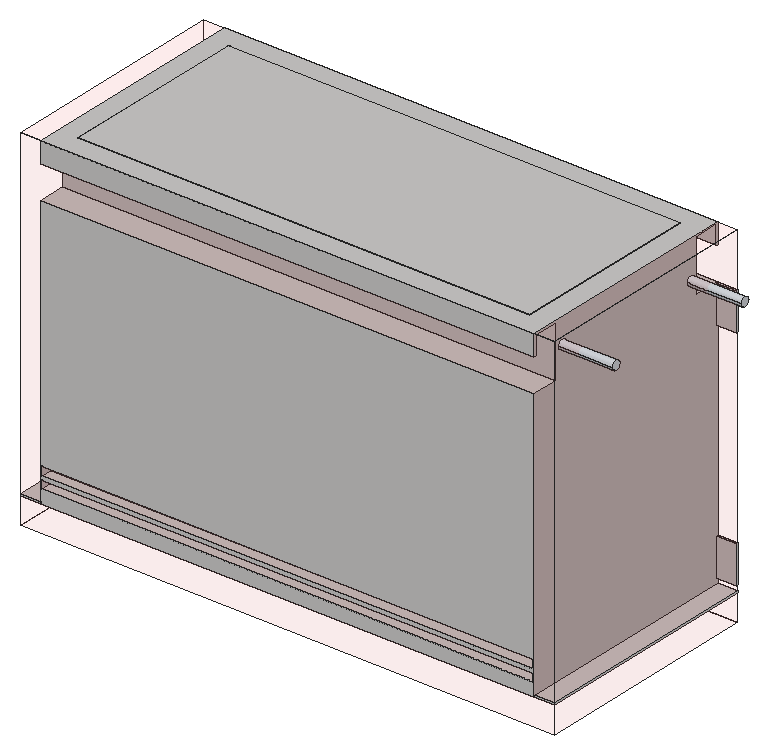
Revit family "Air-Curtain_Customer-Entry_PoweredAire_CHS", category Mechanical Equipment, host Face, Revit 2025
Family settings
  Host = Face
  Round Connector Dimension = Use Diameter
  Part Type = Normal
  OmniClass Number = 23.75.35.17.21
  OmniClass Title = Air Curtains
  Cut with Voids When Loaded = No
  Maintain Annotation Orientation = No
  Shared = No
  Room Calculation Point = No
Parameters
  upperrotation [instance] = if(Upper Pipe Connection Side A, 0.00°, 180.00°)  # 0.00°
  lowerrotation [instance] = if(Lower Pipe Connection Side A, 0.00°, 180.00°)  # 0.00°
  locateupperpipe [instance] = if(Upper Pipe Connection Side A, 0' 0", Nozzle Width)  # 0' - 0"
  locatelowerpipe [instance] = if(Lower Pipe Connection Side A, 0' 0", Nozzle Width)  # 0' - 0"
  Warranty Duration (Years) = 0
  Upper Pipe Connection Side A [instance] = yes
  Unit Width Notes = "Other Widths available."  # constant formula
  Unit Width = 3' - 3"
  Unit Weight = 0
  Unit Height = 1' - 4 3/4"
  Unit Depth [instance] = if(Include Filters, 2' 1 7/8", 1' 11 3/4")  # 1' - 11 3/4"
  URL = "http://www.poweredaire.com/"
  Test Data = ""
  Temperature Rise_Range = "as Specified"
  Standards Conformance = "as Specified"
  Specification = "http://www.arcat.com/sdspecs/htm04/23_34_33pai.htm"
  SpecWizard = ""
  Sound Pressure = "as Specified"
  Sales Information = "http://www.poweredaire.com/contact_us"
  Revision = "R1_2016-08"
  Projection from Host [instance] = 0' - 2"
  Product Properties = ""
  Product Data = "http://www.arcat.com/arcatcos/cos47/arc47623.html"
  Power Rating = 0 W
  Piping_Water Flow [instance] = 0 GPM
  Piping_Operating Pressure [instance] = 0.00 psi
  Piping_Exit Temperature [instance] = 0 °F
  Piping_Entry Temperature [instance] = 0 °F
  Pipe OD [instance] = 5/8"
  Outlet Volume_Range = "as Specified"
  Outlet Velocity_Range = "as Specified"
  Nozzle Width = if(1 = 1, Unit Width - 0' 3", 0' 0")  # 3' - 0"
  Mounting Width = if(1 = 1, Unit Width - 0' 1 1/2", 0' 0")  # 3' - 1 1/2"
  Mounting Height [instance] = 3' - 6"
  Motor RPM = 0
  Motor HP = 0
  Motor Count = 0
  Model = "As Specified"
  Max Height = 0' - 0"
  Manufacturer Website = "http://www.poweredaire.com/"
  Manufacturer Phone - Toll Free = "888-321-2473"
  Manufacturer Phone = "724-588-3305"
  Manufacturer Fax = "724-588-3371"
  Manufacturer Address = "109 Mortensen Rd.  Greenville, PA 16125"
  Manufacturer = "Powered Aire, Inc"
  Maintenance Schedule (Months) = 0
  Lower Pipe Connection Side A [instance] = yes
  Keynote = "23 34 33"
  Installation-Fabrication = ""
  Installation Phase = ""
  Include Filters [instance] = no
  Include Clearance [instance] = yes
  Heating Element Load = 0 W
  HVAC_Temperature Rise [instance] = 0 °F
  HVAC_Outlet Volume [instance] = 0 CFM
  HVAC_Outlet Velocity Uniformity = 0
  HVAC_Outlet Velocity [instance] = 0 FPM
  HVAC_BTU Input = 0.0 Btu/h
  Green Building-LEED = "http://www.arcat.com/green/clients/leed_data_47623.html"
  Front Grating Material [instance] = Metal - Steel - PoweredAire - Stainless 304 Perforated
  Frame Finish [instance] = Metal - Steel - PoweredAire - Stainless 304
  Expected Lifespan (Years) = 0
  Electrical_Wattage [instance] = Power Rating + Heating Element Load  # 0 W
  Electrical_Voltage [instance] = 0 V
  Electrical_Phase [instance] = 1
  Electrical_Frequency [instance] = 0 Hz
  Electrical_Amperage [instance] = 0 A
  Drawn By = "Sumex Design, Inc. / Robert S. Weygant, CSI, CDT, SCIP"
  Description = "Powered Aire Air Curtain as Specified"
  Default Elevation = 0' - 0"  # constant formula
  Copyright = "©Arcat Inc."
  Construction Details = "http://www.arcat.com/details/powair/prod3336.html"
  Clearance_Top [instance] = 0' - 0"
  Clearance_Side B [instance] = 0' - 0"
  Clearance_Side A [instance] = 0' - 0"
  Clearance_Intake [instance] = 0' - 0"
  Clearance_Bottom [instance] = 0' - 0"
  Clearance Material [instance] = ARCAT Clearance
  Building Codes = ""
  Available Options [instance] = "as Specified"
  Assembly Code = "D3090400"
Reference planes (in)
  plane 1 "Center (Elevation)": y = 0.13818
  plane 2: z = 0
  plane 3 "Center (Left/Right)": x = 0
  plane 4: y = 8.51318
  plane 5: y = -8.23682
  plane 6: x = -19.5
  plane 7: x = 19.5
  plane 8: z = 25.75
  plane 9 "FF": y = -41.86182
  plane 10: z = 2
  plane 11: x = 18
  plane 12: x = -18
  plane 13: y = 8.51318
  plane 14: y = -8.23682
  plane 15: x = -19.5
  plane 16: x = 19.5
  plane 17: z = 25.75
  plane 18: x = 17.9375
  plane 19: x = -17.9375
  plane 20: x = 18
  plane 21: x = 18
  plane 22: y = 6.01318
  plane 23: y = -5.73682
Forms (in)
  Extrusion 1, solid, material "Metal - Steel - PoweredAire - Stainless 304" <- "Frame Finish"
    sketch origin (0, 0, 0) x (0, 1, 0) y (0, 0, 1)
      loop
        line (-8.23682, 2) -> (8.51318, 2) -> (8.51318, 21.8125) -> (6.51318, 21.8125) -> (6.51318, 25.625) -> (8.38818, 25.625) -> (8.38818, 24.25) -> (8.51318, 24.25) -> (8.51318, 25.75) -> (-8.23682, 25.75) -> (-8.23682, 24.25) -> (-8.11182, 24.25) -> (-8.11182, 25.625) -> (-6.23682, 25.625) -> (-6.23682, 21.8125) -> (-8.23682, 21.8125) -> (-8.23682, 2)
    from -18 to 18
  Extrusion 2, solid, material "ARCAT Clearance" <- "Clearance Material", visible <- "Include Clearance"
    sketch origin (0, 0, 0) x (0, 1, 0) y (0, 0, 1)
      loop
        line (-8.23682, 25.75) -> (-8.23682, 0) -> (8.51318, 0) -> (8.51318, 25.75) -> (-8.23682, 25.75)
    from -19.5 to 19.5
  Extrusion 3, solid, material "Metal - Steel - PoweredAire - Stainless 304" <- "Frame Finish"
    sketch origin (-15.17702, -180, 2) x (-1, 0, 0) y (0, -1, 0)
      loop
        line (-33.17702, -188.51318) -> (-33.17702, -171.76318) -> (-34.67702, -171.76318) -> (-34.67702, -188.51318) -> (-33.17702, -188.51318)
      loop
        line (2.82298, -188.51318) -> (4.32298, -188.51318) -> (4.32298, -171.76318) -> (2.82298, -171.76318) -> (2.82298, -188.51318)
    from 0 to 0.125
  Extrusion 4, solid, material "Metal - Steel - PoweredAire - Stainless 304" <- "Frame Finish"
    sketch origin (-11.83813, 8.51318, 48) x (-1, 0, 0) y (0, 0, 1)
      loop
        line (-29.83813, -45.5) -> (-29.83813, -42.75) -> (-31.33813, -42.75) -> (-31.33813, -45.5) -> (-29.83813, -45.5)
      loop
        line (-29.83813, -28.9375) -> (-29.83813, -26.1875) -> (-31.33813, -26.1875) -> (-31.33813, -28.9375) -> (-29.83813, -28.9375)
      loop
        line (6.16187, -45.5) -> (7.66187, -45.5) -> (7.66187, -42.75) -> (6.16187, -42.75) -> (6.16187, -45.5)
      loop
        line (6.16187, -28.9375) -> (7.66187, -28.9375) -> (7.66187, -26.1875) -> (6.16187, -26.1875) -> (6.16187, -28.9375)
    from 0 to -0.125
  Extrusion 5, void
    sketch origin (0, 0, 0) x (0, 1, 0) y (0, 0, 1)
      loop
        line (-8.23682, 3) -> (-7.23682, 3) -> (-7.23682, 4.5) -> (-8.23682, 4.5) -> (-8.23682, 3.82425) -> (-7.38364, 3.82425) -> (-7.38364, 3.57425) -> (-8.23682, 3.57425) -> (-8.23682, 3)
    from -17.9375 to 17.9375
  Extrusion 6, solid, material "Metal - Steel - PoweredAire - Stainless 304 Perforated" <- "Front Grating Material"
    sketch origin (0, -8.23682, 25.75) x (0, 1, 0) y (-1, 0, 0)
      loop
        line (15.25, 16.5) -> (1.5, 16.5) -> (1.5, -16.5) -> (15.25, -16.5) -> (15.25, 16.5)
    from 0 to 0.03125
  Sweep 7, solid
    path origin (18, 6.01318, 0) x (1, 0, 0) y (0, 1, 0)
      loop
        line (0, 0) -> (4, 0)
    profile origin (20, 6.01318, 0) x (0, 1, 0) y (0, 0, 1)
      loop
        circle (0, 23) r 0.3125
  Sweep 8, solid
    path origin (18, -5.73682, 0) x (1, 0, 0) y (0, 1, 0)
      loop
        line (0, 0) -> (4, 0)
    profile origin (20, -5.73682, 0) x (0, 1, 0) y (0, 0, 1)
      loop
        circle (0, 24) r 0.3125
Cuts and joins
  Extrusion 5 cuts Extrusion 1
Lines and regions (in)
  reference lines
    curve 1: line (18, 6.01318, 0) -> (22.75, 6.01318, 0)
    curve 2: line (18, -5.73682, 0) -> (23.75, -5.73682, 0)
Dimensions and locks (in)
  equal spacing: plane 4, plane 1 "Center (Elevation)", plane 5
  "Unit Height": plane 4 to plane 5
  equal spacing: plane 6, plane 3 "Center (Left/Right)", plane 7
  "Unit Width": plane 6 to plane 7
  "Mounting Height": plane 1 "Center (Elevation)" to plane 9 "FF"
  "Projection from Host": plane 10 to level
  "Unit Depth": plane 8 to plane 10
  locked: plane 6 to plane 12 at 1.5
  locked: plane 11 to plane 7 at 1.5
  "Clearance_Side A": plane 7 to plane 16
  "Clearance_Side B": plane 15 to plane 6
  "Clearance_Top": plane 13 to plane 4
  "Clearance_Bottom": plane 5 to plane 14
  "Clearance_Intake": plane 17 to plane 8
  plane 5 to Extrusion 1 sketch curve to Extrusion 1 sketch curve = 0' - 0 1/8" locked, 0' - 1 7/8" locked
  Extrusion 1 sketch curve to Extrusion 1 sketch curve to plane 4 = 0' - 1 7/8" locked, 0' - 0 1/8" locked
  Extrusion 4 sketch curve to Extrusion 4 sketch curve to Extrusion 4 sketch curve to Extrusion 4 sketch curve to plane 10 = 0' - 2 3/4" locked, 1' - 1 13/16" locked, 0' - 2 3/4" locked, 0' - 0 1/2" locked
  Extrusion 4 sketch curve to Extrusion 4 sketch curve to Extrusion 4 sketch curve to Extrusion 4 sketch curve = 0' - 2 3/4" locked, 1' - 1 13/16" locked, 0' - 2 3/4" locked
  locked: Extrusion 4 sketch curve to plane 10 at 0.5
  plane 8 to Extrusion 1 sketch curve to Extrusion 1 sketch curve = 0' - 0 1/8" locked, 0' - 1 3/8" locked  (x2)
  locked: Extrusion 1 sketch curve to plane 10 at 19.8125  (x2)
  Extrusion 5 sketch curve to Extrusion 5 sketch curve to Extrusion 5 sketch curve to Extrusion 5 sketch curve to plane 10 = 0' - 0.67575" locked, 0' - 0 1/4" locked, 0' - 0.57425" locked, 0' - 1" locked
  plane 5 to Extrusion 5 sketch curve to Extrusion 5 sketch curve = 0' - 0.85319" locked, 0' - 0.14681" locked
  locked: plane 19 to plane 12 at 0.0625
  locked: plane 11 to plane 18 at 0.0625
  locked: plane 4 to Extrusion 6 sketch curve at 1.5
  locked: Extrusion 6 sketch curve to plane 5 at 1.5
  locked: Extrusion 6 sketch curve to plane 11 at 1.5
  locked: plane 12 to Extrusion 6 sketch curve at 1.5
  "locateupperpipe": plane 20 to plane 11
  "locatelowerpipe": plane 21 to plane 11
  locked: plane 4 to plane 22 at 2.5
  locked: plane 23 to plane 5 at 2.5
  locked: curve 1 to Sweep 7 sketch curve at 4
  locked: curve 1 to Sweep 7 sketch curve
  locked: Sweep 7 sketch curve to plane 10 at 21
  locked: curve 2 to Sweep 8 sketch curve at 4
  locked: curve 2 to Sweep 8 sketch curve
  locked: Sweep 8 sketch curve to plane 10 at 22
  "upperrotation": angle plane 22 to curve 1
  "lowerrotation": angle plane 23 to curve 2
  aligned and locked: plane 2 to host face
  aligned and locked: level to host face
  aligned and locked: Extrusion 2 sketch curve to plane 17
  aligned and locked: plane 14 to Extrusion 2 sketch curve
  aligned and locked: level to Extrusion 2 sketch curve
  aligned and locked: Extrusion 2 sketch curve to plane 13
  aligned and locked: plane 16 to Extrusion 2
  aligned and locked: Extrusion 2 to plane 15
  aligned and locked: plane 11 to Extrusion 1
  aligned and locked: Extrusion 1 to plane 12
  aligned and locked: plane 21 to curve 2
  aligned and locked: plane 23 to curve 2
  aligned and locked: plane 22 to curve 1
  aligned and locked: plane 20 to curve 1
Automatic sketch dimensions
  host sketch curve to host sketch curve = 8' - 0"  (x2)
  Extrusion 1 sketch curve to plane 5 = 0' - 0"  (x2)
  Extrusion 1 sketch curve to plane 4 = 0' - 0"  (x2)
  Extrusion 1 sketch curve to plane 10 = 0' - 0"
  Extrusion 1 sketch curve to plane 8 = 0' - 0"
  plane 4 to Extrusion 3 sketch curve = 0' - 0"
  Extrusion 3 sketch curve to plane 7 = 0' - 0"
  plane 5 to Extrusion 3 sketch curve = 0' - 0"
  Extrusion 3 sketch curve to plane 11 = 0' - 0"
  Extrusion 3 sketch curve to plane 4 = 0' - 0"
  Extrusion 3 sketch curve to plane 12 = 0' - 0"
  Extrusion 3 sketch curve to plane 6 = 0' - 0"
  Extrusion 3 sketch curve to plane 5 = 0' - 0"
  Extrusion 4 sketch curve to plane 7 = 0' - 0"  (x2)
  Extrusion 4 sketch curve to plane 11 = 0' - 0"  (x2)
  Extrusion 4 sketch curve to plane 12 = 0' - 0"  (x2)
  Extrusion 4 sketch curve to plane 6 = 0' - 0"  (x2)
  Extrusion 5 sketch curve to plane 5 = 0' - 0"  (x2)
  Sweep 7 sketch curve to profile plane = 0' - 0"
  Sweep 8 sketch curve to profile plane = 0' - 0"
  radius of Sweep 7 sketch curve = 0' - 0 5/16"
  radius of Sweep 8 sketch curve = 0' - 0 5/16"
Connectors (in)
  piping at (22, 6.01318, 23), diameter 0.625, driven by "Pipe OD", driven by "Piping_Water Flow"
    settings: on Sweep 7, index 1, connector inside diameter 24", connector length 0' - 0", flow factor 0, pipe flow 0 GPM, pressure drop 0.00 psi, fitting loss kfactor 0, connector angle 0.00°, fixture units 0, engagement length 0' - 0", angle of deflection 0.00°, flow configuration 0, flow direction 0, fitting loss method 0, system type 29, joint type 0, gender type 0, connector reference index -1, connector utility 0, adjustable connector no, is connector primary yes, connector description "Define Supply or Return and Location"
  piping at (22, -5.73682, 24), diameter 0.625, driven by "Pipe OD", driven by "Piping_Water Flow"
    settings: on Sweep 8, index 2, connector inside diameter 24", connector length 0' - 0", flow factor 0, pipe flow 0 GPM, pressure drop 0.00 psi, fitting loss kfactor 0, connector angle 0.00°, fixture units 0, engagement length 0' - 0", angle of deflection 0.00°, flow configuration 0, flow direction 0, fitting loss method 0, system type 29, joint type 0, gender type 0, connector reference index -1, connector utility 0, adjustable connector no, is connector primary no, connector description "Define Supply or Return and Location"
  electrical at (-18, 0.13818, 21.39062), driven by "Electrical_Voltage", driven by "Electrical_Phase"
    settings: on cut or joined group of Extrusion 1, Extrusion 5, index 3, voltage 0 V, apparent load 0 VA, apparent load phase1 0 VA, apparent load phase2 0 VA, apparent load phase3 0 VA, power factor 1, load classification "Motor", number of poles 1, system type 31, power factor state 1, is connector primary yes, connector utility no, sub classification motor no, connector description ""
